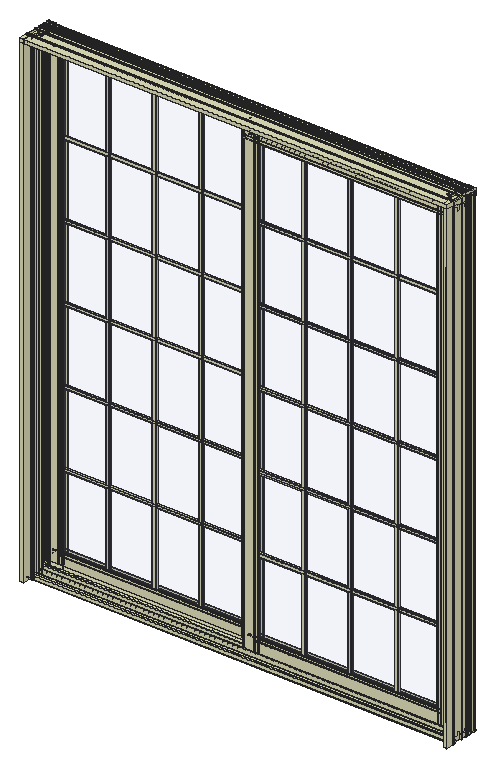
Revit family (continued)
Dimensions and locks (in)
  aligned and locked: plane 55 to Sweep 41 sketch curve
Automatic sketch dimensions
  Opening 1 sketch curve to level = 0' - 0"
  Opening 1 sketch curve to plane 3 "Left" = 0' - 0"
  Opening 1 sketch curve to plane 4 "Right" = 0' - 0"
  Opening 1 sketch curve to plane 6 "Head" = 0' - 0"
  Sweep 1 sketch curve to level = 0' - 0"
  Sweep 1 sketch curve to plane 6 "Head" = 0' - 0"
  Sweep 1 sketch curve to Sweep 1 sketch curve = 0' - 0"  (x22)
  Sweep 1 sketch curve to profile plane = 0' - 0"  (x4)
  profile plane to Sweep 1 sketch curve = 0' - 0.02"  (x2)
  profile plane to Sweep 1 sketch curve = 0' - 0.025"
  profile plane to Sweep 1 sketch curve = 0' - 0.02858"
  profile plane to Sweep 1 sketch curve = 0' - 0.03318"  (x2)
  Sweep 1 sketch curve to Sweep 1 sketch curve = 0' - 0.01249"
  profile plane to Sweep 1 sketch curve = 0' - 0.04108"  (x3)
  Sweep 1 sketch curve to Sweep 1 sketch curve = 0' - 0.045"  (x15)
  Sweep 1 sketch curve to Sweep 1 sketch curve = 0' - 0 1/256"  (x7)
  Sweep 1 sketch curve to Sweep 1 sketch curve = 0' - 0.028"  (x4)
  Sweep 1 sketch curve to Sweep 1 sketch curve = 0' - 0.002"  (x2)
  Sweep 1 sketch curve to Sweep 1 sketch curve = 0' - 0.004"  (x2)
  profile plane to Sweep 1 sketch curve = 0' - 0.055"
  profile plane to Sweep 1 sketch curve = 0' - 0.075"
  Sweep 1 sketch curve to Sweep 1 sketch curve = 0' - 0.025"
  profile plane to Sweep 1 sketch curve = 0' - 0.08"  (x3)
  Sweep 1 sketch curve to Sweep 1 sketch curve = 0' - 0.00636"
  Sweep 1 sketch curve to Sweep 1 sketch curve = 0' - 0.015"  (x3)
  Sweep 1 sketch curve to plane 10 "Set Back" = 0' - 0"
  profile plane to Sweep 1 sketch curve = 0' - 0.095"
  Sweep 1 sketch curve to Sweep 1 sketch curve = 0' - 0.06392"  (x3)
  Sweep 1 sketch curve to Sweep 1 sketch curve = 0' - 0.03661"  (x3)
  Sweep 1 sketch curve to Sweep 1 sketch curve = 0' - 0.01962"  (x2)
  Sweep 1 sketch curve to Sweep 1 sketch curve = 0' - 0.035"
  Sweep 1 sketch curve to Sweep 1 sketch curve = 0' - 0.01197"
  Sweep 1 sketch curve to Sweep 1 sketch curve = 0' - 0.03"  (x7)
  Sweep 1 sketch curve to Sweep 1 sketch curve = 0' - 0.493"
  Sweep 1 sketch curve to Sweep 1 sketch curve = 0' - 0.08"  (x8)
  Sweep 1 sketch curve to Sweep 1 sketch curve = 0' - 0.666"
  Sweep 1 sketch curve to Sweep 1 sketch curve = 0' - 0.08839"
  Sweep 1 sketch curve to Sweep 1 sketch curve = 0' - 0 1/8"
  Sweep 1 sketch curve to Sweep 1 sketch curve = 0' - 0.12839"  (x2)
  Sweep 1 sketch curve to Sweep 1 sketch curve = 0' - 0.00068"  (x2)
  Sweep 1 sketch curve to Sweep 1 sketch curve = 0' - 0.056"
  Sweep 1 sketch curve to Sweep 1 sketch curve = 0' - 0.01318"  (x3)
  Sweep 1 sketch curve to Sweep 1 sketch curve = 0' - 0.03182"  (x2)
  plane 10 "Set Back" to Sweep 1 sketch curve = 0' - 0 1/8"
  Sweep 1 sketch curve to Sweep 1 sketch curve = 0' - 0.15813"
  Sweep 1 sketch curve to Sweep 1 sketch curve = 0' - 0.05657"
  Sweep 1 sketch curve to Sweep 1 sketch curve = 0' - 0.05725"
  Sweep 1 sketch curve to Sweep 1 sketch curve = 0' - 0.03248"
  Sweep 1 sketch curve to Sweep 1 sketch curve = 0' - 0.00895"
  Sweep 1 sketch curve to Sweep 1 sketch curve = 0' - 0.08027"
  Sweep 1 sketch curve to Sweep 1 sketch curve = 0' - 0.07899"
  Sweep 1 sketch curve to Sweep 1 sketch curve = 0' - 0.07973"
  Sweep 1 sketch curve to Sweep 1 sketch curve = 0' - 0.07727"
  Sweep 1 sketch curve to Sweep 1 sketch curve = 0' - 0.199"
  Sweep 1 sketch curve to Sweep 1 sketch curve = 0' - 0.0545"
  Sweep 1 sketch curve to Sweep 1 sketch curve = 0' - 0.37912"
  Sweep 1 sketch curve to Sweep 1 sketch curve = 0' - 0.02"  (x3)
  Sweep 1 sketch curve to Sweep 1 sketch curve = 0' - 0.478"
  Sweep 1 sketch curve to Sweep 1 sketch curve = 0' - 0.04"  (x3)
  Sweep 1 sketch curve to Sweep 1 sketch curve = 0' - 0.095"
  plane 10 "Set Back" to Sweep 1 sketch curve = 0' - 0.04498"
  plane 10 "Set Back" to Sweep 1 sketch curve = 0' - 0.06569"
  Sweep 1 sketch curve to Sweep 1 sketch curve = 0' - 0.12958"  (x2)
  Sweep 1 sketch curve to Sweep 1 sketch curve = 0' - 0.042"
  Sweep 1 sketch curve to Sweep 1 sketch curve = 0' - 0.37691"
  Sweep 1 sketch curve to Sweep 1 sketch curve = 0' - 0.08021"
  Sweep 1 sketch curve to Sweep 1 sketch curve = 0' - 0.06036"  (x2)
  Sweep 1 sketch curve to Sweep 1 sketch curve = 0' - 0.35014"
  Sweep 1 sketch curve to Sweep 1 sketch curve = 0' - 0.08379"
  Sweep 1 sketch curve to Sweep 1 sketch curve = 0' - 0.05867"
  Sweep 1 sketch curve to Sweep 1 sketch curve = 0' - 0.01736"
  Sweep 1 sketch curve to Sweep 1 sketch curve = 0' - 0.02105"
  Sweep 1 sketch curve to Sweep 1 sketch curve = 0' - 0.05236"
  Sweep 1 sketch curve to Sweep 1 sketch curve = 0' - 0.107"
  Sweep 1 sketch curve to Sweep 1 sketch curve = 0' - 0.06753"  (x2)
  Sweep 1 sketch curve to Sweep 1 sketch curve = 0' - 0.00594"  (x3)
  Sweep 1 sketch curve to Sweep 1 sketch curve = 0' - 0.076"  (x2)
  Sweep 1 sketch curve to Sweep 1 sketch curve = 0' - 0.69828"
  Sweep 1 sketch curve to Sweep 1 sketch curve = 0' - 1.189"
  Sweep 1 sketch curve to Sweep 1 sketch curve = 0' - 0.01299"
  Sweep 1 sketch curve to Sweep 1 sketch curve = 0' - 0.05"
  Sweep 1 sketch curve to Sweep 1 sketch curve = 0' - 0.06328"
  Sweep 1 sketch curve to Sweep 1 sketch curve = 0' - 0.05989"
  Sweep 1 sketch curve to Sweep 1 sketch curve = 0' - 0.01261"
  Sweep 1 sketch curve to Sweep 1 sketch curve = 0' - 0.28645"
  Sweep 1 sketch curve to Sweep 1 sketch curve = 0' - 0.00343"
  Sweep 1 sketch curve to Sweep 1 sketch curve = 0' - 0.02142"
  Sweep 1 sketch curve to Sweep 1 sketch curve = 0' - 0.101"
  Sweep 1 sketch curve to Sweep 1 sketch curve = 0' - 0.05921"
  Sweep 2 sketch curve to level = 0' - 0"
  Sweep 2 sketch curve to plane 6 "Head" = 0' - 0"
  Sweep 2 sketch curve to Sweep 2 sketch curve = 0' - 0"  (x21)
  Sweep 2 sketch curve to profile plane = 0' - 0"  (x4)
  Sweep 2 sketch curve to profile plane = 0' - 0.02"  (x2)
  Sweep 2 sketch curve to profile plane = 0' - 0.025"
  Sweep 2 sketch curve to profile plane = 0' - 0.02858"
  Sweep 2 sketch curve to profile plane = 0' - 0.03318"  (x2)
  Sweep 2 sketch curve to profile plane = 0' - 0.04108"  (x3)
  Sweep 2 sketch curve to Sweep 2 sketch curve = 0' - 0.01249"
  Sweep 2 sketch curve to Sweep 2 sketch curve = 0' - 0 1/256"  (x7)
  Sweep 2 sketch curve to Sweep 2 sketch curve = 0' - 0.045"  (x12)
  Sweep 2 sketch curve to Sweep 2 sketch curve = 0' - 0.028"  (x4)
  Sweep 2 sketch curve to Sweep 2 sketch curve = 0' - 0.002"  (x2)
  Sweep 2 sketch curve to Sweep 2 sketch curve = 0' - 0.004"  (x2)
  Sweep 2 sketch curve to profile plane = 0' - 0.055"
  Sweep 2 sketch curve to Sweep 2 sketch curve = 0' - 0.03182"  (x4)
  Sweep 2 sketch curve to profile plane = 0' - 0.075"
  Sweep 2 sketch curve to profile plane = 0' - 0.08"  (x3)
  Sweep 2 sketch curve to Sweep 2 sketch curve = 0' - 0.025"
  Sweep 2 sketch curve to Sweep 2 sketch curve = 0' - 0.00636"
  Sweep 2 sketch curve to Sweep 2 sketch curve = 0' - 0.015"  (x2)
  Sweep 2 sketch curve to profile plane = 0' - 0.095"  (x2)
  Sweep 2 sketch curve to plane 10 "Set Back" = 0' - 0"
  Sweep 2 sketch curve to Sweep 2 sketch curve = 0' - 0.06392"  (x3)
  Sweep 2 sketch curve to Sweep 2 sketch curve = 0' - 0.03661"  (x3)
  Sweep 2 sketch curve to Sweep 2 sketch curve = 0' - 0.01962"  (x2)
  Sweep 2 sketch curve to Sweep 2 sketch curve = 0' - 0.035"
  Sweep 2 sketch curve to Sweep 2 sketch curve = 0' - 0.01197"
  Sweep 2 sketch curve to Sweep 2 sketch curve = 0' - 0.03"  (x7)
  Sweep 2 sketch curve to Sweep 2 sketch curve = 0' - 0.493"
  Sweep 2 sketch curve to Sweep 2 sketch curve = 0' - 0.583"
  Sweep 2 sketch curve to Sweep 2 sketch curve = 0' - 0.08"  (x9)
  Sweep 2 sketch curve to Sweep 2 sketch curve = 0' - 0.666"
  Sweep 2 sketch curve to Sweep 2 sketch curve = 0' - 0 1/8"  (x2)
  Sweep 2 sketch curve to Sweep 2 sketch curve = 0' - 0.12839"  (x2)
  Sweep 2 sketch curve to Sweep 2 sketch curve = 0' - 0.00068"  (x2)
  Sweep 2 sketch curve to Sweep 2 sketch curve = 0' - 0.056"
  Sweep 2 sketch curve to Sweep 2 sketch curve = 0' - 0.01318"  (x3)
  plane 10 "Set Back" to Sweep 2 sketch curve = 0' - 0 1/8"
  Sweep 2 sketch curve to Sweep 2 sketch curve = 0' - 0.15813"
  Sweep 2 sketch curve to Sweep 2 sketch curve = 0' - 0.05657"
  Sweep 2 sketch curve to Sweep 2 sketch curve = 0' - 0.05725"
  Sweep 2 sketch curve to Sweep 2 sketch curve = 0' - 0.03248"
  Sweep 2 sketch curve to Sweep 2 sketch curve = 0' - 0.00895"
  Sweep 2 sketch curve to Sweep 2 sketch curve = 0' - 0.08027"
  Sweep 2 sketch curve to Sweep 2 sketch curve = 0' - 0.07899"
  Sweep 2 sketch curve to Sweep 2 sketch curve = 0' - 0.07973"
  Sweep 2 sketch curve to Sweep 2 sketch curve = 0' - 0.07727"
  Sweep 2 sketch curve to Sweep 2 sketch curve = 0' - 0.199"
  Sweep 2 sketch curve to Sweep 2 sketch curve = 0' - 0.0545"
  plane 10 "Set Back" to Sweep 2 sketch curve = 0' - 0.31898"
  Sweep 2 sketch curve to Sweep 2 sketch curve = 0' - 0.37912"
  Sweep 2 sketch curve to Sweep 2 sketch curve = 0' - 0.02"  (x3)
  Sweep 2 sketch curve to Sweep 2 sketch curve = 0' - 0.478"
  Sweep 2 sketch curve to Sweep 2 sketch curve = 0' - 0.04"  (x3)
  Sweep 2 sketch curve to Sweep 2 sketch curve = 0' - 0.095"
  plane 10 "Set Back" to Sweep 2 sketch curve = 0' - 0.04498"
  plane 10 "Set Back" to Sweep 2 sketch curve = 0' - 0.06569"
  Sweep 2 sketch curve to Sweep 2 sketch curve = 0' - 0.12958"  (x2)
  Sweep 2 sketch curve to Sweep 2 sketch curve = 0' - 0.37691"
  Sweep 2 sketch curve to Sweep 2 sketch curve = 0' - 0.08021"
  Sweep 2 sketch curve to Sweep 2 sketch curve = 0' - 0.06036"  (x2)
  Sweep 2 sketch curve to Sweep 2 sketch curve = 0' - 0.35014"
  Sweep 2 sketch curve to Sweep 2 sketch curve = 0' - 0.08379"
  Sweep 2 sketch curve to Sweep 2 sketch curve = 0' - 0.05867"
  Sweep 2 sketch curve to Sweep 2 sketch curve = 0' - 0.01736"
  Sweep 2 sketch curve to Sweep 2 sketch curve = 0' - 0.02105"
  Sweep 2 sketch curve to Sweep 2 sketch curve = 0' - 0.05236"
  Sweep 2 sketch curve to Sweep 2 sketch curve = 0' - 0.107"
  Sweep 2 sketch curve to Sweep 2 sketch curve = 0' - 0.06753"  (x2)
  Sweep 2 sketch curve to Sweep 2 sketch curve = 0' - 0.00594"  (x3)
  Sweep 2 sketch curve to Sweep 2 sketch curve = 0' - 0.076"  (x2)
  Sweep 2 sketch curve to Sweep 2 sketch curve = 0' - 0.69828"
  Sweep 2 sketch curve to Sweep 2 sketch curve = 0' - 1.189"
  Sweep 2 sketch curve to Sweep 2 sketch curve = 0' - 0.01299"
  Sweep 2 sketch curve to Sweep 2 sketch curve = 0' - 0.05"
  Sweep 2 sketch curve to Sweep 2 sketch curve = 0' - 0.06328"
  Sweep 2 sketch curve to Sweep 2 sketch curve = 0' - 0.05989"
  Sweep 2 sketch curve to Sweep 2 sketch curve = 0' - 0.01261"
  Sweep 2 sketch curve to Sweep 2 sketch curve = 0' - 0.28645"
  Sweep 2 sketch curve to Sweep 2 sketch curve = 0' - 0.00343"
  Sweep 2 sketch curve to Sweep 2 sketch curve = 0' - 0.02142"
  Sweep 2 sketch curve to Sweep 2 sketch curve = 0' - 0.101"
  Sweep 2 sketch curve to Sweep 2 sketch curve = 0' - 0.05921"
  Sweep 3 sketch curve to plane 3 "Left" = 0' - 0"
  Sweep 3 sketch curve to plane 4 "Right" = 0' - 0"
  Sweep 3 sketch curve to Sweep 3 sketch curve = 0' - 0"  (x21)
  Sweep 3 sketch curve to profile plane = 0' - 0"  (x4)
  Sweep 3 sketch curve to profile plane = 0' - 0.02"  (x2)
  Sweep 3 sketch curve to profile plane = 0' - 0.025"
  Sweep 3 sketch curve to profile plane = 0' - 0.02858"
  Sweep 3 sketch curve to profile plane = 0' - 0.03318"  (x2)
  Sweep 3 sketch curve to profile plane = 0' - 0.04108"  (x3)
  Sweep 3 sketch curve to Sweep 3 sketch curve = 0' - 0.01249"
  Sweep 3 sketch curve to Sweep 3 sketch curve = 0' - 0.045"  (x12)
  Sweep 3 sketch curve to profile plane = 0' - 0.045"  (x3)
  Sweep 3 sketch curve to Sweep 3 sketch curve = 0' - 0.028"  (x4)
  Sweep 3 sketch curve to Sweep 3 sketch curve = 0' - 0.002"  (x2)
  Sweep 3 sketch curve to Sweep 3 sketch curve = 0' - 0.004"  (x2)
  Sweep 3 sketch curve to profile plane = 0' - 0.055"
  Sweep 3 sketch curve to Sweep 3 sketch curve = 0' - 0.03182"  (x4)
  Sweep 3 sketch curve to profile plane = 0' - 0.075"
  Sweep 3 sketch curve to profile plane = 0' - 0.08"  (x3)
  Sweep 3 sketch curve to Sweep 3 sketch curve = 0' - 0.025"
  Sweep 3 sketch curve to Sweep 3 sketch curve = 0' - 0.00636"
  Sweep 3 sketch curve to Sweep 3 sketch curve = 0' - 0.015"  (x2)
  Sweep 3 sketch curve to profile plane = 0' - 0.095"  (x2)
  Sweep 3 sketch curve to plane 10 "Set Back" = 0' - 0"
  Sweep 3 sketch curve to Sweep 3 sketch curve = 0' - 0.06392"  (x3)
  Sweep 3 sketch curve to Sweep 3 sketch curve = 0' - 0 1/256"  (x4)
  Sweep 3 sketch curve to Sweep 3 sketch curve = 0' - 0.03661"  (x3)
  Sweep 3 sketch curve to Sweep 3 sketch curve = 0' - 0.01962"  (x2)
  Sweep 3 sketch curve to Sweep 3 sketch curve = 0' - 0.035"
  Sweep 3 sketch curve to Sweep 3 sketch curve = 0' - 0.01197"
  Sweep 3 sketch curve to Sweep 3 sketch curve = 0' - 0.03"  (x7)
  Sweep 3 sketch curve to Sweep 3 sketch curve = 0' - 0.493"
  Sweep 3 sketch curve to Sweep 3 sketch curve = 0' - 0.583"
  Sweep 3 sketch curve to Sweep 3 sketch curve = 0' - 0.08"  (x9)
  Sweep 3 sketch curve to Sweep 3 sketch curve = 0' - 0.666"
  Sweep 3 sketch curve to Sweep 3 sketch curve = 0' - 0 1/8"
  Sweep 3 sketch curve to Sweep 3 sketch curve = 0' - 0.08839"
  Sweep 3 sketch curve to Sweep 3 sketch curve = 0' - 0.12839"  (x2)
  Sweep 3 sketch curve to Sweep 3 sketch curve = 0' - 0.00068"  (x2)
  Sweep 3 sketch curve to Sweep 3 sketch curve = 0' - 0.056"
  Sweep 3 sketch curve to Sweep 3 sketch curve = 0' - 0.01318"  (x3)
  plane 10 "Set Back" to Sweep 3 sketch curve = 0' - 0 1/8"
  Sweep 3 sketch curve to Sweep 3 sketch curve = 0' - 0.15813"
  Sweep 3 sketch curve to Sweep 3 sketch curve = 0' - 0.05657"
  Sweep 3 sketch curve to Sweep 3 sketch curve = 0' - 0.05725"
  Sweep 3 sketch curve to Sweep 3 sketch curve = 0' - 0.03248"
  Sweep 3 sketch curve to Sweep 3 sketch curve = 0' - 0.00895"
  Sweep 3 sketch curve to Sweep 3 sketch curve = 0' - 0.08027"
  Sweep 3 sketch curve to Sweep 3 sketch curve = 0' - 0.07899"
  Sweep 3 sketch curve to Sweep 3 sketch curve = 0' - 0.07973"
  Sweep 3 sketch curve to Sweep 3 sketch curve = 0' - 0.07727"
  Sweep 3 sketch curve to Sweep 3 sketch curve = 0' - 0.199"
  Sweep 3 sketch curve to Sweep 3 sketch curve = 0' - 0.0545"
  plane 10 "Set Back" to Sweep 3 sketch curve = 0' - 0.31898"
  Sweep 3 sketch curve to Sweep 3 sketch curve = 0' - 0.37912"
  Sweep 3 sketch curve to Sweep 3 sketch curve = 0' - 0.02"  (x3)
  Sweep 3 sketch curve to Sweep 3 sketch curve = 0' - 0.478"
  Sweep 3 sketch curve to Sweep 3 sketch curve = 0' - 0.04"  (x3)
  Sweep 3 sketch curve to Sweep 3 sketch curve = 0' - 0.095"
  plane 10 "Set Back" to Sweep 3 sketch curve = 0' - 0.04498"
  plane 10 "Set Back" to Sweep 3 sketch curve = 0' - 0.06569"
  Sweep 3 sketch curve to Sweep 3 sketch curve = 0' - 0.12958"  (x2)
  Sweep 3 sketch curve to Sweep 3 sketch curve = 0' - 0.37691"
  Sweep 3 sketch curve to Sweep 3 sketch curve = 0' - 0.08021"
  Sweep 3 sketch curve to Sweep 3 sketch curve = 0' - 0.06036"  (x2)
  Sweep 3 sketch curve to Sweep 3 sketch curve = 0' - 0.35014"
  Sweep 3 sketch curve to Sweep 3 sketch curve = 0' - 0.08379"
  Sweep 3 sketch curve to Sweep 3 sketch curve = 0' - 0.05867"
  Sweep 3 sketch curve to Sweep 3 sketch curve = 0' - 0.01736"
  Sweep 3 sketch curve to Sweep 3 sketch curve = 0' - 0.02105"
  Sweep 3 sketch curve to Sweep 3 sketch curve = 0' - 0.05236"
  Sweep 3 sketch curve to Sweep 3 sketch curve = 0' - 0.107"
  Sweep 3 sketch curve to Sweep 3 sketch curve = 0' - 0.06753"  (x2)
  Sweep 3 sketch curve to Sweep 3 sketch curve = 0' - 0.00594"  (x3)
  Sweep 3 sketch curve to Sweep 3 sketch curve = 0' - 0.076"  (x2)
  Sweep 3 sketch curve to Sweep 3 sketch curve = 0' - 0.69828"
  Sweep 3 sketch curve to Sweep 3 sketch curve = 0' - 1.189"
  Sweep 3 sketch curve to Sweep 3 sketch curve = 0' - 0.01299"
  Sweep 3 sketch curve to Sweep 3 sketch curve = 0' - 0.05"
  Sweep 3 sketch curve to Sweep 3 sketch curve = 0' - 0.06328"
  Sweep 3 sketch curve to Sweep 3 sketch curve = 0' - 0.05989"
  Sweep 3 sketch curve to Sweep 3 sketch curve = 0' - 0.01261"
  Sweep 3 sketch curve to Sweep 3 sketch curve = 0' - 0.28645"
  Sweep 3 sketch curve to Sweep 3 sketch curve = 0' - 0.00343"
  Sweep 3 sketch curve to Sweep 3 sketch curve = 0' - 0.02142"
  Sweep 3 sketch curve to Sweep 3 sketch curve = 0' - 0.101"
  Sweep 3 sketch curve to Sweep 3 sketch curve = 0' - 0.05921"
  Sweep 4 sketch curve to plane 3 "Left" = 0' - 0"
  Sweep 4 sketch curve to plane 4 "Right" = 0' - 0"
  Sweep 4 sketch curve to Sweep 4 sketch curve = 0' - 0"  (x15)
  Sweep 4 sketch curve to profile plane = 0' - 0"  (x3)
  profile plane to Sweep 4 sketch curve = 0' - 0.00068"
  profile plane to Sweep 4 sketch curve = 0' - 0.02519"
  profile plane to Sweep 4 sketch curve = 0' - 0.02809"
  profile plane to Sweep 4 sketch curve = 0' - 0.0285"
  profile plane to Sweep 4 sketch curve = 0' - 0.031"
  Sweep 4 sketch curve to Sweep 4 sketch curve = 0' - 0.03092"
  Sweep 4 sketch curve to plane 10 "Set Back" = 0' - 0"
  profile plane to Sweep 4 sketch curve = 0' - 0.06"
  profile plane to Sweep 4 sketch curve = 0' - 0 1/16"
  profile plane to Sweep 4 sketch curve = 0' - 0.0646"
  Sweep 4 sketch curve to Sweep 4 sketch curve = 0' - 0.00364"
  profile plane to Sweep 4 sketch curve = 0' - 0.08644"
  profile plane to Sweep 4 sketch curve = 0' - 0.1027"
  Sweep 4 sketch curve to Sweep 4 sketch curve = 0' - 0.11368"
  Sweep 4 sketch curve to Sweep 4 sketch curve = 0' - 0.0525"
  profile plane to Sweep 4 sketch curve = 0' - 0.12754"
  Sweep 4 sketch curve to Sweep 4 sketch curve = 0' - 0.015"
  Sweep 4 sketch curve to Sweep 4 sketch curve = 0' - 0.07105"
  Sweep 4 sketch curve to Sweep 4 sketch curve = 0' - 0.12484"
  Sweep 4 sketch curve to Sweep 4 sketch curve = 0' - 0.04535"
  Sweep 4 sketch curve to Sweep 4 sketch curve = 0' - 0.03"  (x2)
  Sweep 4 sketch curve to Sweep 4 sketch curve = 0' - 0.00065"
  Sweep 4 sketch curve to Sweep 4 sketch curve = 0' - 0.05985"
  Sweep 4 sketch curve to Sweep 4 sketch curve = 0' - 0.14129"
  Sweep 4 sketch curve to Sweep 4 sketch curve = 0' - 0 41/256"
  Sweep 4 sketch curve to Sweep 4 sketch curve = 0' - 0.14908"
  profile plane to Sweep 4 sketch curve = 0' - 0.36"
  Sweep 4 sketch curve to Sweep 4 sketch curve = 0' - 0.1247"
  Sweep 4 sketch curve to Sweep 4 sketch curve = 0' - 0.115"  (x3)
  Sweep 4 sketch curve to Sweep 4 sketch curve = 0' - 0.24939"
  Sweep 4 sketch curve to Sweep 4 sketch curve = 0' - 0.045"  (x4)
  Sweep 4 sketch curve to Sweep 4 sketch curve = 0' - 0.0437"
  Sweep 4 sketch curve to Sweep 4 sketch curve = 0' - 0.11466"
  Sweep 4 sketch curve to Sweep 4 sketch curve = 0' - 0.00793"
  Sweep 4 sketch curve to Sweep 4 sketch curve = 0' - 0.09078"
  Sweep 4 sketch curve to Sweep 4 sketch curve = 0' - 0.04707"
  Sweep 4 sketch curve to Sweep 4 sketch curve = 0' - 0.05472"
  Sweep 4 sketch curve to Sweep 4 sketch curve = 0' - 0.02893"  (x4)
  Sweep 4 sketch curve to Sweep 4 sketch curve = 0' - 0.03741"
  Sweep 4 sketch curve to Sweep 4 sketch curve = 0' - 0.00943"
  Sweep 4 sketch curve to Sweep 4 sketch curve = 0' - 0.02615"  (x2)
  Sweep 4 sketch curve to Sweep 4 sketch curve = 0' - 0.02355"  (x2)
  Sweep 4 sketch curve to Sweep 4 sketch curve = 0' - 0.195"
  Sweep 4 sketch curve to Sweep 4 sketch curve = 0' - 0.555"
  Sweep 4 sketch curve to Sweep 4 sketch curve = 0' - 0.07311"
  Sweep 4 sketch curve to Sweep 4 sketch curve = 0' - 0.035"  (x3)
  Sweep 4 sketch curve to Sweep 4 sketch curve = 0' - 0.01"
  Sweep 4 sketch curve to Sweep 4 sketch curve = 0' - 0.29821"
  Sweep 4 sketch curve to Sweep 4 sketch curve = 0' - 0.32"
  Sweep 4 sketch curve to Sweep 4 sketch curve = 0' - 0.00069"
  Sweep 4 sketch curve to Sweep 4 sketch curve = 0' - 0.0147"
  Sweep 4 sketch curve to Sweep 4 sketch curve = 0' - 0.06236"
  Sweep 4 sketch curve to Sweep 4 sketch curve = 0' - 0.07966"
  Sweep 4 sketch curve to Sweep 4 sketch curve = 0' - 0.08"  (x2)
  Sweep 4 sketch curve to Sweep 4 sketch curve = 0' - 0 1/8"  (x2)
  Sweep 4 sketch curve to Sweep 4 sketch curve = 0' - 0.276"
  Sweep 4 sketch curve to Sweep 4 sketch curve = 0' - 0.01434"
  Sweep 4 sketch curve to Sweep 4 sketch curve = 0' - 0.02383"
  Sweep 4 sketch curve to Sweep 4 sketch curve = 0' - 0.03817"
  plane 10 "Set Back" to Sweep 4 sketch curve = 0' - 0.05579"
  Sweep 4 sketch curve to Sweep 4 sketch curve = 0' - 0.159"
  Sweep 4 sketch curve to Sweep 4 sketch curve = 0' - 0.51894"
  Sweep 4 sketch curve to Sweep 4 sketch curve = 0' - 0.01744"
  Sweep 4 sketch curve to Sweep 4 sketch curve = 0' - 0.12986"
  Sweep 4 sketch curve to Sweep 4 sketch curve = 0' - 0.02582"
  Sweep 4 sketch curve to Sweep 4 sketch curve = 0' - 0.02194"
  Sweep 4 sketch curve to Sweep 4 sketch curve = 0' - 0.1027"
  Sweep 4 sketch curve to Sweep 4 sketch curve = 0' - 0 1/16"
  Sweep 4 sketch curve to Sweep 4 sketch curve = 0' - 0.01053"
  Sweep 4 sketch curve to Sweep 4 sketch curve = 0' - 0.12754"
  Sweep 4 sketch curve to Sweep 4 sketch curve = 0' - 0.205"
  Sweep 4 sketch curve to Sweep 4 sketch curve = 0' - 0.20206"
  Sweep 4 sketch curve to Sweep 4 sketch curve = 0' - 0.00872"
  Sweep 4 sketch curve to Sweep 4 sketch curve = 0' - 0.01484"
  Sweep 4 sketch curve to Sweep 4 sketch curve = 0' - 0.00965"
  Sweep 4 sketch curve to Sweep 4 sketch curve = 0' - 0.0451"
  Sweep 4 sketch curve to Sweep 4 sketch curve = 0' - 0.11692"
  Sweep 4 sketch curve to Sweep 4 sketch curve = 0' - 0.03975"
  Sweep 4 sketch curve to Sweep 4 sketch curve = 0' - 0.15242"
  Sweep 4 sketch curve to Sweep 4 sketch curve = 0' - 0.0575"
  Sweep 4 sketch curve to Sweep 4 sketch curve = 0' - 1.148"
  Sweep 4 sketch curve to Sweep 4 sketch curve = 0' - 0.02979"
  Sweep 4 sketch curve to Sweep 4 sketch curve = 0' - 0.179"
  Sweep 4 sketch curve to Sweep 4 sketch curve = 0' - 0.37"
  Sweep 4 sketch curve to Sweep 4 sketch curve = 0' - 0.1325"
  Sweep 5 sketch curve to Sweep 5 sketch curve = 0' - 0"  (x9)
  profile plane to Sweep 5 sketch curve = 0' - 2.40658"
  Sweep 5 sketch curve to Sweep 5 sketch curve = 0' - 0.01654"
  Sweep 5 sketch curve to Sweep 5 sketch curve = 0' - 0.02248"
  Sweep 5 sketch curve to Sweep 5 sketch curve = 0' - 0.03346"
  Sweep 5 sketch curve to Sweep 5 sketch curve = 0' - 0.02"
  Sweep 5 sketch curve to Sweep 5 sketch curve = 0' - 0.01"  (x2)
  Sweep 5 sketch curve to Sweep 5 sketch curve = 0' - 0.01189"
  Sweep 5 sketch curve to Sweep 5 sketch curve = 0' - 0.40886"
  Sweep 5 sketch curve to Sweep 5 sketch curve = 0' - 0.02914"
  Sweep 5 sketch curve to Sweep 5 sketch curve = 0' - 0.05214"
  Sweep 5 sketch curve to Sweep 5 sketch curve = 0' - 0.045"  (x4)
  Sweep 5 sketch curve to Sweep 5 sketch curve = 0' - 0.0542"
  Sweep 5 sketch curve to Sweep 5 sketch curve = 0' - 0.0639"
  Sweep 5 sketch curve to Sweep 5 sketch curve = 0' - 0.07"
  Sweep 5 sketch curve to Sweep 5 sketch curve = 0' - 0.00938"
  Sweep 5 sketch curve to Sweep 5 sketch curve = 0' - 0.03372"
  Sweep 5 sketch curve to Sweep 5 sketch curve = 0' - 0.01167"
  plane 10 "Set Back" to Sweep 5 sketch curve = 0' - 2.30042"
  Sweep 5 sketch curve to Sweep 5 sketch curve = 0' - 0.00838"
  Sweep 5 sketch curve to Sweep 5 sketch curve = 0' - 0.04108"
  Sweep 5 sketch curve to Sweep 5 sketch curve = 0' - 0.13703"
  Sweep 5 sketch curve to Sweep 5 sketch curve = 0' - 0.00592"
  plane 10 "Set Back" to Sweep 5 sketch curve = 0' - 2.46518"
  Sweep 5 sketch curve to Sweep 5 sketch curve = 0' - 0.00324"
  Sweep 5 sketch curve to Sweep 5 sketch curve = 0' - 0.01591"
  Sweep 5 sketch curve to Sweep 5 sketch curve = 0' - 0.0615"
  Sweep 5 sketch curve to Sweep 5 sketch curve = 0' - 0.02759"
  profile plane to Sweep 5 sketch curve = 0' - 0.00572"
  profile plane to Sweep 5 sketch curve = 0' - 0.00567"  (x2)
  profile plane to Sweep 5 sketch curve = 0' - 0.0017"
  Sweep 5 sketch curve to profile plane = 0' - 0.03933"
  Sweep 5 sketch curve to Sweep 5 sketch curve = 0' - 0.05508"  (x2)
  Sweep 5 sketch curve to Sweep 5 sketch curve = 0' - 0.07737"
  Sweep 5 sketch curve to Sweep 5 sketch curve = 0' - 0.02705"
  Sweep 5 sketch curve to Sweep 5 sketch curve = 0' - 0.03736"
  Sweep 5 sketch curve to Sweep 5 sketch curve = 0' - 0.00572"
  Sweep 5 sketch curve to Sweep 5 sketch curve = 0' - 0.1262"
  Sweep 5 sketch curve to Sweep 5 sketch curve = 0' - 0.01865"
  Sweep 5 sketch curve to Sweep 5 sketch curve = 0' - 0.79144"
  Sweep 5 sketch curve to Sweep 5 sketch curve = 0' - 0.011"
  Sweep 6 sketch curve to plane 16 "Sill (Interior)" = 0' - 0"
  Sweep 6 sketch curve to plane 15 "Head (Interior)" = 0' - 0"
  Sweep 6 sketch curve to Sweep 6 sketch curve = 0' - 0"  (x8)
  plane 10 "Set Back" to Sweep 6 sketch curve = 0' - 2.23499"
  Sweep 6 sketch curve to Sweep 6 sketch curve = 0' - 0.04533"
  Sweep 6 sketch curve to Sweep 6 sketch curve = 0' - 0.00006"
  Sweep 6 sketch curve to Sweep 6 sketch curve = 0' - 0.05523"
  Sweep 6 sketch curve to Sweep 6 sketch curve = 0' - 0.02705"
  Sweep 6 sketch curve to Sweep 6 sketch curve = 0' - 0.04001"
  profile plane to Sweep 6 sketch curve = 0' - 0.03612"
  Sweep 6 sketch curve to Sweep 6 sketch curve = 0' - 0.0449"
  Sweep 6 sketch curve to Sweep 6 sketch curve = 0' - 0.045"  (x4)
  Sweep 6 sketch curve to Sweep 6 sketch curve = 0' - 0.0001"
  Sweep 6 sketch curve to Sweep 6 sketch curve = 0' - 0.03237"
  Sweep 6 sketch curve to Sweep 6 sketch curve = 0' - 0.00572"
  Sweep 6 sketch curve to Sweep 6 sketch curve = 0' - 0.04308"
  Sweep 6 sketch curve to Sweep 6 sketch curve = 0' - 0.1262"
  Sweep 6 sketch curve to Sweep 6 sketch curve = 0' - 0.02214"
  Sweep 6 sketch curve to Sweep 6 sketch curve = 0' - 0.0558"
  Sweep 6 sketch curve to Sweep 6 sketch curve = 0' - 0.05108"
  Sweep 6 sketch curve to Sweep 6 sketch curve = 0' - 0.06973"
  Sweep 6 sketch curve to Sweep 6 sketch curve = 0' - 0.04483"
  Sweep 6 sketch curve to Sweep 6 sketch curve = 0' - 0.79144"
  Sweep 6 sketch curve to Sweep 6 sketch curve = 0' - 0.011"
  Sweep 6 sketch curve to Sweep 6 sketch curve = 0' - 0.00311"
  Sweep 6 sketch curve to Sweep 6 sketch curve = 0' - 0.02"
  Sweep 6 sketch curve to Sweep 6 sketch curve = 0' - 0.01189"  (x2)
  Sweep 6 sketch curve to profile plane = 0' - 0.00892"
  Sweep 6 sketch curve to Sweep 6 sketch curve = 0' - 1.06076"
  Sweep 6 sketch curve to Sweep 6 sketch curve = 0' - 0.075"
  Sweep 6 sketch curve to Sweep 6 sketch curve = 0' - 0.07"
  Sweep 6 sketch curve to Sweep 6 sketch curve = 0' - 0.01664"
  Sweep 6 sketch curve to Sweep 6 sketch curve = 0' - 0.055"
  Sweep 6 sketch curve to Sweep 6 sketch curve = 0' - 1.44291"
  Sweep 6 sketch curve to Sweep 6 sketch curve = 0' - 0.02759"
  Sweep 6 sketch curve to Sweep 6 sketch curve = 0' - 0.01591"
  Sweep 6 sketch curve to Sweep 6 sketch curve = 0' - 0.00592"
  Sweep 6 sketch curve to Sweep 6 sketch curve = 0' - 0.13915"
  Sweep 6 sketch curve to Sweep 6 sketch curve = 0' - 0.13703"
  Sweep 6 sketch curve to Sweep 6 sketch curve = 0' - 0.00838"
  Sweep 6 sketch curve to Sweep 6 sketch curve = 0' - 0.00938"
  Sweep 6 sketch curve to Sweep 6 sketch curve = 0' - 0.04718"
  Sweep 6 sketch curve to Sweep 6 sketch curve = 0' - 0.39697"
  Sweep 6 sketch curve to Sweep 6 sketch curve = 0' - 0.01099"
  Sweep 6 sketch curve to Sweep 6 sketch curve = 0' - 0.03346"
  profile plane to Sweep 6 sketch curve = 0' - 0.03211"
  Sweep 7 sketch curve to plane 12 "Right Sash" = 0' - 0"
  plane 10 "Set Back" to Sweep 7 sketch curve = 0' - 2.29429"
  profile plane to Sweep 7 sketch curve = 0' - 2.40621"
  Sweep 7 sketch curve to Sweep 7 sketch curve = 0' - 0.01989"
  Sweep 7 sketch curve to Sweep 7 sketch curve = 0' - 0.00455"
  Sweep 7 sketch curve to Sweep 7 sketch curve = 0' - 0.00601"
  Sweep 7 sketch curve to Sweep 7 sketch curve = 0' - 0.01672"
  Sweep 7 sketch curve to Sweep 7 sketch curve = 0' - 0.02808"
  Sweep 7 sketch curve to Sweep 7 sketch curve = 0' - 0.48261"
  Sweep 7 sketch curve to Sweep 7 sketch curve = 0' - 0.0188"
  Sweep 7 sketch curve to Sweep 7 sketch curve = 0' - 0.0504"
  Sweep 7 sketch curve to Sweep 7 sketch curve = 0' - 0.0291"
  Sweep 7 sketch curve to Sweep 7 sketch curve = 0' - 0"
  Sweep 7 sketch curve to Sweep 7 sketch curve = 0' - 0.02838"
  plane 10 "Set Back" to Sweep 7 sketch curve = 0' - 2.3693"
  Sweep 7 sketch curve to Sweep 7 sketch curve = 0' - 0.01156"
  Sweep 7 sketch curve to Sweep 7 sketch curve = 0' - 0.11194"
  Sweep 7 sketch curve to Sweep 7 sketch curve = 0' - 0.00625"
  plane 10 "Set Back" to Sweep 7 sketch curve = 0' - 2.37423"
  Sweep 7 sketch curve to Sweep 7 sketch curve = 0' - 0.01066"
  Sweep 7 sketch curve to Sweep 7 sketch curve = 0' - 0.01042"
  Sweep 7 sketch curve to Sweep 7 sketch curve = 0' - 0.01431"
  Sweep 7 sketch curve to Sweep 7 sketch curve = 0' - 0.00002"
  Sweep 7 sketch curve to Sweep 7 sketch curve = 0' - 0.00527"
  Sweep 7 sketch curve to Sweep 7 sketch curve = 0' - 0.02285"
  plane 10 "Set Back" to Sweep 8 sketch curve = 0' - 2.37423"
  Sweep 8 sketch curve to profile plane = 0' - 1.62224"
  Sweep 8 sketch curve to Sweep 8 sketch curve = 0' - 0.01066"
  Sweep 8 sketch curve to Sweep 8 sketch curve = 0' - 0.00625"
  plane 10 "Set Back" to Sweep 8 sketch curve = 0' - 2.3693"
  Sweep 8 sketch curve to Sweep 8 sketch curve = 0' - 0.11819"
  Sweep 8 sketch curve to Sweep 8 sketch curve = 0' - 0.01156"
  Sweep 8 sketch curve to Sweep 8 sketch curve = 0' - 0.02838"
  Sweep 8 sketch curve to Sweep 8 sketch curve = 0' - 0"
  Sweep 8 sketch curve to Sweep 8 sketch curve = 0' - 0.0291"
  Sweep 8 sketch curve to Sweep 8 sketch curve = 0' - 0.0504"
  Sweep 8 sketch curve to Sweep 8 sketch curve = 0' - 0.0188"
  Sweep 8 sketch curve to Sweep 8 sketch curve = 0' - 0.48261"
  Sweep 8 sketch curve to Sweep 8 sketch curve = 0' - 0.02808"
  Sweep 8 sketch curve to Sweep 8 sketch curve = 0' - 0.00616"
  Sweep 8 sketch curve to Sweep 8 sketch curve = 0' - 0.00601"
  Sweep 8 sketch curve to Sweep 8 sketch curve = 0' - 0.01672"
  Sweep 8 sketch curve to Sweep 8 sketch curve = 0' - 0.01989"
  Sweep 8 sketch curve to Sweep 8 sketch curve = 0' - 0.05299"
  Sweep 8 sketch curve to Sweep 8 sketch curve = 0' - 0.00214"
  Sweep 8 sketch curve to Sweep 8 sketch curve = 0' - 0.06055"
  Sweep 8 sketch curve to Sweep 8 sketch curve = 0' - 0.00302"
  Sweep 8 sketch curve to Sweep 8 sketch curve = 0' - 0.00002"
  Sweep 8 sketch curve to Sweep 8 sketch curve = 0' - 0.02285"
  Sweep 9 sketch curve to plane 16 "Sill (Interior)" = 0' - 0"
  Sweep 9 sketch curve to plane 15 "Head (Interior)" = 0' - 0"
  plane 10 "Set Back" to Sweep 9 sketch curve = 0' - 2.24631"
  Sweep 9 sketch curve to Sweep 9 sketch curve = 0' - 0.01431"
  Sweep 9 sketch curve to Sweep 9 sketch curve = 0' - 0.02326"
  Sweep 9 sketch curve to Sweep 9 sketch curve = 0' - 0.01042"
  Sweep 9 sketch curve to Sweep 9 sketch curve = 0' - 0.04995"
  Sweep 9 sketch curve to Sweep 9 sketch curve = 0' - 0.00418"
  Sweep 9 sketch curve to Sweep 9 sketch curve = 0' - 0.00002"
  Sweep 9 sketch curve to Sweep 9 sketch curve = 0' - 0.00527"
  Sweep 9 sketch curve to Sweep 9 sketch curve = 0' - 0.00829"
  Sweep 9 sketch curve to Sweep 9 sketch curve = 0' - 0.01989"
  Sweep 9 sketch curve to Sweep 9 sketch curve = 0' - 0.02006"
  Sweep 9 sketch curve to Sweep 9 sketch curve = 0' - 0.06055"
  Sweep 9 sketch curve to Sweep 9 sketch curve = 0' - 0.00492"
  Sweep 9 sketch curve to Sweep 9 sketch curve = 0' - 0.02285"
  profile plane to Sweep 9 sketch curve = 0' - 1.63914"
  Sweep 9 sketch curve to Sweep 9 sketch curve = 0' - 0.02443"
  Sweep 9 sketch curve to Sweep 9 sketch curve = 0' - 0.11194"
  Sweep 9 sketch curve to Sweep 9 sketch curve = 0' - 0.01156"
  Sweep 9 sketch curve to Sweep 9 sketch curve = 0' - 0.02838"
  Sweep 9 sketch curve to Sweep 9 sketch curve = 0' - 0"
  Sweep 9 sketch curve to Sweep 9 sketch curve = 0' - 0.48261"
  Sweep 9 sketch curve to Sweep 9 sketch curve = 0' - 0.02808"
  Sweep 9 sketch curve to Sweep 9 sketch curve = 0' - 0.00616"
  Sweep 9 sketch curve to Sweep 9 sketch curve = 0' - 0.00625"
  Sweep 10 sketch curve to level = 0' - 0"
  Sweep 10 sketch curve to plane 6 "Head" = 0' - 0"
  Sweep 10 sketch curve to profile plane = 0' - 0"
  Sweep 11 sketch curve to level = 0' - 0"
  Sweep 11 sketch curve to plane 6 "Head" = 0' - 0"
  Sweep 11 sketch curve to profile plane = 0' - 0"
  Sweep 12 sketch curve to plane 3 "Left" = 0' - 0"
  Sweep 12 sketch curve to plane 4 "Right" = 0' - 0"
  Sweep 12 sketch curve to profile plane = 0' - 0"
  Sweep 15 sketch curve to plane 16 "Sill (Interior)" = 0' - 0"
  Sweep 15 sketch curve to plane 15 "Head (Interior)" = 0' - 0"
  Sweep 15 sketch curve to Sweep 15 sketch curve = 0' - 0"  (x10)
  profile plane to Sweep 15 sketch curve = 0' - 2.09696"
  Sweep 15 sketch curve to Sweep 15 sketch curve = 0' - 0.01654"
  Sweep 15 sketch curve to Sweep 15 sketch curve = 0' - 0.02248"
  Sweep 15 sketch curve to Sweep 15 sketch curve = 0' - 0.03346"
  Sweep 15 sketch curve to Sweep 15 sketch curve = 0' - 0.02"  (x4)
  Sweep 15 sketch curve to Sweep 15 sketch curve = 0' - 0.01"  (x2)
  Sweep 15 sketch curve to Sweep 15 sketch curve = 0' - 0.01189"
  Sweep 15 sketch curve to Sweep 15 sketch curve = 0' - 0.39697"
  Sweep 15 sketch curve to Sweep 15 sketch curve = 0' - 0.02914"
  Sweep 15 sketch curve to Sweep 15 sketch curve = 0' - 0.05214"
  Sweep 15 sketch curve to Sweep 15 sketch curve = 0' - 0.045"  (x5)
  Sweep 15 sketch curve to Sweep 15 sketch curve = 0' - 0.0542"
  Sweep 15 sketch curve to Sweep 15 sketch curve = 0' - 0.0639"
  Sweep 15 sketch curve to Sweep 15 sketch curve = 0' - 0.07"
  Sweep 15 sketch curve to Sweep 15 sketch curve = 0' - 0.00938"
  Sweep 15 sketch curve to Sweep 15 sketch curve = 0' - 0.03372"
  Sweep 15 sketch curve to Sweep 15 sketch curve = 0' - 0.01167"
  Sweep 15 sketch curve to Sweep 15 sketch curve = 0' - 0.00838"
  Sweep 15 sketch curve to Sweep 15 sketch curve = 0' - 0.04108"
  Sweep 15 sketch curve to Sweep 15 sketch curve = 0' - 0.13703"
  Sweep 15 sketch curve to Sweep 15 sketch curve = 0' - 0.00592"
  Sweep 15 sketch curve to Sweep 15 sketch curve = 0' - 0.00324"
  Sweep 15 sketch curve to Sweep 15 sketch curve = 0' - 0.01591"
  Sweep 15 sketch curve to Sweep 15 sketch curve = 0' - 0.0615"
  Sweep 15 sketch curve to Sweep 15 sketch curve = 0' - 0.02759"
  profile plane to Sweep 15 sketch curve = 0' - 0.27096"
  Sweep 15 sketch curve to profile plane = 0' - 0.07304"  (x2)
  Sweep 15 sketch curve to Sweep 15 sketch curve = 0' - 0.062"  (x2)
  Sweep 15 sketch curve to Sweep 15 sketch curve = 0' - 0.08"  (x2)
  Sweep 15 sketch curve to Sweep 15 sketch curve = 0' - 0.0545"
  Sweep 15 sketch curve to profile plane = 0' - 0.30395"
  Sweep 15 sketch curve to Sweep 15 sketch curve = 0' - 0.02008"
  Sweep 15 sketch curve to Sweep 15 sketch curve = 0' - 0.00397"
  Sweep 15 sketch curve to Sweep 15 sketch curve = 0' - 0.04"  (x2)
  Sweep 15 sketch curve to Sweep 15 sketch curve = 0' - 0.05508"
  plane 10 "Set Back" to Sweep 15 sketch curve = 0' - 1.91099"
  Sweep 15 sketch curve to Sweep 15 sketch curve = 0' - 0.12"
  Sweep 15 sketch curve to Sweep 15 sketch curve = 0' - 0.017"
  Sweep 15 sketch curve to Sweep 15 sketch curve = 0' - 0.00006"
  Sweep 15 sketch curve to Sweep 15 sketch curve = 0' - 0.10023"
  Sweep 15 sketch curve to Sweep 15 sketch curve = 0' - 0.00499"
  Sweep 15 sketch curve to Sweep 15 sketch curve = 0' - 0.03237"
  Sweep 15 sketch curve to Sweep 15 sketch curve = 0' - 0.00572"
  Sweep 15 sketch curve to Sweep 15 sketch curve = 0' - 0.1262"
  Sweep 15 sketch curve to Sweep 15 sketch curve = 0' - 0.01865"
  Sweep 15 sketch curve to Sweep 15 sketch curve = 0' - 0.79144"
  Sweep 15 sketch curve to Sweep 15 sketch curve = 0' - 0.011"
  Sweep 16 sketch curve to plane 16 "Sill (Interior)" = 0' - 0"
  Sweep 16 sketch curve to plane 15 "Head (Interior)" = 0' - 0"
  Sweep 16 sketch curve to Sweep 16 sketch curve = 0' - 0"  (x9)
  profile plane to Sweep 16 sketch curve = 0' - 2.43699"
  Sweep 16 sketch curve to Sweep 16 sketch curve = 0' - 0.01654"
  Sweep 16 sketch curve to Sweep 16 sketch curve = 0' - 0.03901"
  Sweep 16 sketch curve to Sweep 16 sketch curve = 0' - 0.03346"
  Sweep 16 sketch curve to Sweep 16 sketch curve = 0' - 0.02"
  Sweep 16 sketch curve to Sweep 16 sketch curve = 0' - 0.01"  (x2)
  Sweep 16 sketch curve to Sweep 16 sketch curve = 0' - 0.01189"
  Sweep 16 sketch curve to Sweep 16 sketch curve = 0' - 0.40886"
  Sweep 16 sketch curve to Sweep 16 sketch curve = 0' - 0.02914"
  Sweep 16 sketch curve to Sweep 16 sketch curve = 0' - 0.05214"
  Sweep 16 sketch curve to Sweep 16 sketch curve = 0' - 0.045"  (x4)
  Sweep 16 sketch curve to Sweep 16 sketch curve = 0' - 0.0542"
  Sweep 16 sketch curve to Sweep 16 sketch curve = 0' - 0.0639"
  Sweep 16 sketch curve to Sweep 16 sketch curve = 0' - 0.07"
  Sweep 16 sketch curve to Sweep 16 sketch curve = 0' - 0.00938"
  Sweep 16 sketch curve to Sweep 16 sketch curve = 0' - 0.03372"
  Sweep 16 sketch curve to Sweep 16 sketch curve = 0' - 0.01167"
  plane 10 "Set Back" to Sweep 16 sketch curve = 0' - 0.55131"
  Sweep 16 sketch curve to Sweep 16 sketch curve = 0' - 0.00838"
  Sweep 16 sketch curve to Sweep 16 sketch curve = 0' - 0.04108"
  Sweep 16 sketch curve to Sweep 16 sketch curve = 0' - 0.13703"
  Sweep 16 sketch curve to Sweep 16 sketch curve = 0' - 0.00592"
  plane 10 "Set Back" to Sweep 16 sketch curve = 0' - 0.71608"
  Sweep 16 sketch curve to Sweep 16 sketch curve = 0' - 0.00324"
  Sweep 16 sketch curve to Sweep 16 sketch curve = 0' - 0.01591"
  Sweep 16 sketch curve to Sweep 16 sketch curve = 0' - 0.0615"
  Sweep 16 sketch curve to Sweep 16 sketch curve = 0' - 0.02759"
  profile plane to Sweep 16 sketch curve = 0' - 0.03612"
  profile plane to Sweep 16 sketch curve = 0' - 0.03608"  (x2)
  profile plane to Sweep 16 sketch curve = 0' - 0.03211"
  Sweep 16 sketch curve to profile plane = 0' - 0.00892"
  Sweep 16 sketch curve to Sweep 16 sketch curve = 0' - 0.05508"  (x2)
  Sweep 16 sketch curve to Sweep 16 sketch curve = 0' - 0.07737"
  Sweep 16 sketch curve to Sweep 16 sketch curve = 0' - 0.02705"
  Sweep 16 sketch curve to Sweep 16 sketch curve = 0' - 0.03736"
  Sweep 16 sketch curve to Sweep 16 sketch curve = 0' - 0.00572"
  Sweep 16 sketch curve to Sweep 16 sketch curve = 0' - 0.1262"
  Sweep 16 sketch curve to Sweep 16 sketch curve = 0' - 0.01865"
  Sweep 16 sketch curve to Sweep 16 sketch curve = 0' - 0.79144"
  Sweep 16 sketch curve to Sweep 16 sketch curve = 0' - 0.011"
  Sweep 17 sketch curve to plane 40 = 0' - 0"
  Sweep 17 sketch curve to plane 39 = 0' - 0"
  plane 10 "Set Back" to Sweep 17 sketch curve = 0' - 0.49019"
  Sweep 17 sketch curve to Sweep 17 sketch curve = 0' - 0.01431"
  Sweep 17 sketch curve to Sweep 17 sketch curve = 0' - 0.02326"
  Sweep 17 sketch curve to Sweep 17 sketch curve = 0' - 0.01042"
  Sweep 17 sketch curve to Sweep 17 sketch curve = 0' - 0.04995"
  Sweep 17 sketch curve to Sweep 17 sketch curve = 0' - 0.00418"
  Sweep 17 sketch curve to Sweep 17 sketch curve = 0' - 0.00002"
  Sweep 17 sketch curve to Sweep 17 sketch curve = 0' - 0.00527"
  Sweep 17 sketch curve to Sweep 17 sketch curve = 0' - 0.00829"
  Sweep 17 sketch curve to Sweep 17 sketch curve = 0' - 0.01989"
  Sweep 17 sketch curve to Sweep 17 sketch curve = 0' - 0.02006"
  Sweep 17 sketch curve to Sweep 17 sketch curve = 0' - 0.06055"
  Sweep 17 sketch curve to Sweep 17 sketch curve = 0' - 0.00492"
  Sweep 17 sketch curve to Sweep 17 sketch curve = 0' - 0.02285"
  Sweep 17 sketch curve to Sweep 17 sketch curve = 0' - 0.02443"
  Sweep 17 sketch curve to profile plane = 0' - 1.62224"
  Sweep 17 sketch curve to Sweep 17 sketch curve = 0' - 0.01066"
  Sweep 17 sketch curve to Sweep 17 sketch curve = 0' - 0.11819"
  Sweep 17 sketch curve to Sweep 17 sketch curve = 0' - 0.01156"
  Sweep 17 sketch curve to Sweep 17 sketch curve = 0' - 0.02838"
  Sweep 17 sketch curve to Sweep 17 sketch curve = 0' - 0"
  Sweep 17 sketch curve to Sweep 17 sketch curve = 0' - 0.48261"
  Sweep 17 sketch curve to Sweep 17 sketch curve = 0' - 0.02808"
  Sweep 17 sketch curve to Sweep 17 sketch curve = 0' - 0.00616"
  Sweep 18 sketch curve to plane 40 = 0' - 0"
  Sweep 18 sketch curve to plane 39 = 0' - 0"
  profile plane to Sweep 18 sketch curve = 0' - 0.25175"
  Sweep 18 sketch curve to Sweep 18 sketch curve = 0' - 0.01066"
  Sweep 18 sketch curve to Sweep 18 sketch curve = 0' - 0.00625"
  Sweep 18 sketch curve to Sweep 18 sketch curve = 0' - 0.11819"
  Sweep 18 sketch curve to Sweep 18 sketch curve = 0' - 0.01156"
  Sweep 18 sketch curve to Sweep 18 sketch curve = 0' - 0.02838"
  Sweep 18 sketch curve to Sweep 18 sketch curve = 0' - 0"
  Sweep 18 sketch curve to Sweep 18 sketch curve = 0' - 0.0291"
  profile plane to Sweep 18 sketch curve = 0' - 0.00346"
  Sweep 18 sketch curve to profile plane = 0' - 0.01534"
  Sweep 18 sketch curve to Sweep 18 sketch curve = 0' - 0.48261"
  Sweep 18 sketch curve to Sweep 18 sketch curve = 0' - 0.02808"
  Sweep 18 sketch curve to Sweep 18 sketch curve = 0' - 0.00616"
  Sweep 18 sketch curve to Sweep 18 sketch curve = 0' - 0.00601"
  Sweep 18 sketch curve to Sweep 18 sketch curve = 0' - 0.01672"
  Sweep 18 sketch curve to Sweep 18 sketch curve = 0' - 0.01989"
  plane 10 "Set Back" to Sweep 18 sketch curve = 0' - 0.49019"
  Sweep 18 sketch curve to Sweep 18 sketch curve = 0' - 0.01431"
  Sweep 18 sketch curve to Sweep 18 sketch curve = 0' - 0.02326"
  Sweep 18 sketch curve to Sweep 18 sketch curve = 0' - 0.00418"
  Sweep 18 sketch curve to Sweep 18 sketch curve = 0' - 0.00002"
  Sweep 18 sketch curve to Sweep 18 sketch curve = 0' - 0.00527"
  Sweep 18 sketch curve to Sweep 18 sketch curve = 0' - 0.00492"
  Sweep 18 sketch curve to Sweep 18 sketch curve = 0' - 0.02285"
  Sweep 19 sketch curve to plane 16 "Sill (Interior)" = 0' - 0"
  Sweep 19 sketch curve to plane 15 "Head (Interior)" = 0' - 0"
  Sweep 19 sketch curve to Sweep 19 sketch curve = 0' - 0"  (x11)
  profile plane to Sweep 19 sketch curve = 0' - 0.40404"
  Sweep 19 sketch curve to Sweep 19 sketch curve = 0' - 0.05508"
  Sweep 19 sketch curve to Sweep 19 sketch curve = 0' - 0.04103"
  Sweep 19 sketch curve to Sweep 19 sketch curve = 0' - 0.045"  (x4)
  Sweep 19 sketch curve to Sweep 19 sketch curve = 0' - 0.00004"
  Sweep 19 sketch curve to profile plane = 0' - 1.13896"
  Sweep 19 sketch curve to Sweep 19 sketch curve = 0' - 0.02759"
  Sweep 19 sketch curve to Sweep 19 sketch curve = 0' - 0.0615"
  Sweep 19 sketch curve to Sweep 19 sketch curve = 0' - 0.00676"
  Sweep 19 sketch curve to Sweep 19 sketch curve = 0' - 0.01"  (x2)
  Sweep 19 sketch curve to Sweep 19 sketch curve = 0' - 0.00592"
  Sweep 19 sketch curve to Sweep 19 sketch curve = 0' - 0.13915"  (x2)
  plane 10 "Set Back" to Sweep 19 sketch curve = 0' - 0.72859"
  Sweep 19 sketch curve to Sweep 19 sketch curve = 0' - 0 1/256"
  Sweep 19 sketch curve to Sweep 19 sketch curve = 0' - 0.13703"
  Sweep 19 sketch curve to Sweep 19 sketch curve = 0' - 0.00838"
  Sweep 19 sketch curve to Sweep 19 sketch curve = 0' - 0.01167"
  Sweep 19 sketch curve to Sweep 19 sketch curve = 0' - 0.03562"
  Sweep 19 sketch curve to Sweep 19 sketch curve = 0' - 0.04108"
  Sweep 19 sketch curve to Sweep 19 sketch curve = 0' - 0.04718"
  Sweep 19 sketch curve to Sweep 19 sketch curve = 0' - 0.03372"
  Sweep 19 sketch curve to Sweep 19 sketch curve = 0' - 0.07"
  Sweep 19 sketch curve to Sweep 19 sketch curve = 0' - 0.10138"
  Sweep 19 sketch curve to Sweep 19 sketch curve = 0' - 0.05214"
  Sweep 19 sketch curve to Sweep 19 sketch curve = 0' - 0.39697"
  Sweep 19 sketch curve to Sweep 19 sketch curve = 0' - 0.01189"
  Sweep 19 sketch curve to Sweep 19 sketch curve = 0' - 0.02"
  Sweep 19 sketch curve to Sweep 19 sketch curve = 0' - 0.01099"
  Sweep 19 sketch curve to Sweep 19 sketch curve = 0' - 0.03346"
  Sweep 19 sketch curve to Sweep 19 sketch curve = 0' - 0.01654"
  Sweep 19 sketch curve to Sweep 19 sketch curve = 0' - 0.01252"
  Sweep 19 sketch curve to Sweep 19 sketch curve = 0' - 0.05108"
  Sweep 19 sketch curve to Sweep 19 sketch curve = 0' - 0.0488"
  Sweep 19 sketch curve to Sweep 19 sketch curve = 0' - 0.00572"
  Sweep 19 sketch curve to Sweep 19 sketch curve = 0' - 0.03237"
  Sweep 19 sketch curve to Sweep 19 sketch curve = 0' - 0.0001"
  Sweep 19 sketch curve to Sweep 19 sketch curve = 0' - 0.02705"
  Sweep 19 sketch curve to Sweep 19 sketch curve = 0' - 0.79144"
  Sweep 19 sketch curve to Sweep 19 sketch curve = 0' - 0.011"
  Sweep 20 sketch curve to plane 40 = 0' - 0"
  Sweep 20 sketch curve to plane 39 = 0' - 0"
  Sweep 20 sketch curve to profile plane = 0' - 0.53218"
  plane 10 "Set Back" to Sweep 20 sketch curve = 0' - 2.24631"
  Sweep 20 sketch curve to Sweep 20 sketch curve = 0' - 0.01431"
  Sweep 20 sketch curve to Sweep 20 sketch curve = 0' - 0.02326"
  Sweep 20 sketch curve to Sweep 20 sketch curve = 0' - 0.01042"
  profile plane to Sweep 20 sketch curve = 0' - 0.00346"
  Sweep 20 sketch curve to Sweep 20 sketch curve = 0' - 0.04995"
  Sweep 20 sketch curve to Sweep 20 sketch curve = 0' - 0.00418"
  Sweep 20 sketch curve to Sweep 20 sketch curve = 0' - 0.00002"
  Sweep 20 sketch curve to Sweep 20 sketch curve = 0' - 0.00527"
  profile plane to Sweep 20 sketch curve = 0' - 0.11135"
  Sweep 20 sketch curve to Sweep 20 sketch curve = 0' - 0.00829"
  Sweep 20 sketch curve to Sweep 20 sketch curve = 0' - 0.01989"
  Sweep 20 sketch curve to Sweep 20 sketch curve = 0' - 0.02006"
  profile plane to Sweep 20 sketch curve = 0' - 0.12291"
  Sweep 20 sketch curve to Sweep 20 sketch curve = 0' - 0.06055"
  profile plane to Sweep 20 sketch curve = 0' - 0.25175"
  Sweep 20 sketch curve to Sweep 20 sketch curve = 0' - 0.00492"
  Sweep 20 sketch curve to Sweep 20 sketch curve = 0' - 0.02285"
  profile plane to Sweep 20 sketch curve = 0' - 0.23485"
  Sweep 20 sketch curve to Sweep 20 sketch curve = 0' - 0.02443"
  Sweep 20 sketch curve to Sweep 20 sketch curve = 0' - 0"
  Sweep 20 sketch curve to Sweep 20 sketch curve = 0' - 0.03424"
  Sweep 20 sketch curve to Sweep 20 sketch curve = 0' - 0.02808"
  Extrusion 22 sketch curve to plane 63 = 0' - 0"
  Sweep 23 sketch curve to plane 56 = 0' - 0"
  Sweep 23 sketch curve to plane 11 "Left Sash" = 0' - 0"
  Sweep 23 sketch curve to Sweep 23 sketch curve = 0' - 0"  (x11)
  plane 52 "Glazing Exterior - Exterior2" to Sweep 23 sketch curve = 0' - 1 95/128"
  profile plane to Sweep 23 sketch curve = 0' - 0.09441"
  profile plane to Sweep 23 sketch curve = 0' - 0.03933"
  Sweep 23 sketch curve to profile plane = 0' - 0.0017"
  Sweep 23 sketch curve to profile plane = 0' - 0.00567"  (x2)
  Sweep 23 sketch curve to Sweep 23 sketch curve = 0' - 0.00004"
  plane 52 "Glazing Exterior - Exterior2" to Sweep 23 sketch curve = 0' - 1.74209"
  Sweep 23 sketch curve to Sweep 23 sketch curve = 0' - 1.44287"
  Sweep 23 sketch curve to Sweep 23 sketch curve = 0' - 0.045"  (x2)
  Sweep 23 sketch curve to Sweep 23 sketch curve = 0' - 0.02759"
  Sweep 23 sketch curve to Sweep 23 sketch curve = 0' - 0.0615"
  plane 52 "Glazing Exterior - Exterior2" to Sweep 23 sketch curve = 0' - 1.74707"
  Sweep 23 sketch curve to Sweep 23 sketch curve = 0' - 0.00676"
  Sweep 23 sketch curve to Sweep 23 sketch curve = 0' - 0.01"  (x2)
  Sweep 23 sketch curve to Sweep 23 sketch curve = 0' - 0.00592"
  Sweep 23 sketch curve to Sweep 23 sketch curve = 0' - 0.13915"  (x2)
  plane 52 "Glazing Exterior - Exterior2" to Sweep 23 sketch curve = 0' - 1.59259"
  Sweep 23 sketch curve to Sweep 23 sketch curve = 0' - 0 1/256"
  plane 52 "Glazing Exterior - Exterior2" to Sweep 23 sketch curve = 0' - 1.76988"
  Sweep 23 sketch curve to Sweep 23 sketch curve = 0' - 0.13703"
  Sweep 23 sketch curve to Sweep 23 sketch curve = 0' - 0.00838"
  Sweep 23 sketch curve to Sweep 23 sketch curve = 0' - 0.01167"
  Sweep 23 sketch curve to Sweep 23 sketch curve = 0' - 0.03562"
  Sweep 23 sketch curve to Sweep 23 sketch curve = 0' - 0.04108"
  Sweep 23 sketch curve to Sweep 23 sketch curve = 0' - 0.04718"
  Sweep 23 sketch curve to Sweep 23 sketch curve = 0' - 0.03372"
  Sweep 23 sketch curve to Sweep 23 sketch curve = 0' - 0.07"
  Sweep 23 sketch curve to Sweep 23 sketch curve = 0' - 0.10138"
  Sweep 23 sketch curve to Sweep 23 sketch curve = 0' - 0.05214"
  Sweep 23 sketch curve to Sweep 23 sketch curve = 0' - 0.39697"
  Sweep 23 sketch curve to Sweep 23 sketch curve = 0' - 0.01189"
  Sweep 23 sketch curve to Sweep 23 sketch curve = 0' - 0.02"
  Sweep 23 sketch curve to Sweep 23 sketch curve = 0' - 0.01099"
  Sweep 23 sketch curve to Sweep 23 sketch curve = 0' - 0.03346"
  Sweep 23 sketch curve to Sweep 23 sketch curve = 0' - 0.01654"
  Sweep 23 sketch curve to Sweep 23 sketch curve = 0' - 0.79144"
  Sweep 23 sketch curve to Sweep 23 sketch curve = 0' - 0.011"
  Sweep 23 sketch curve to Sweep 23 sketch curve = 0' - 0.02618"
  Sweep 23 sketch curve to Sweep 23 sketch curve = 0' - 0.14196"
  Sweep 23 sketch curve to Sweep 23 sketch curve = 0' - 0.0488"
  Sweep 24 sketch curve to plane 56 = 0' - 0"
  Sweep 24 sketch curve to plane 11 "Left Sash" = 0' - 0"
  plane 52 "Glazing Exterior - Exterior2" to Sweep 24 sketch curve = 0' - 1.75611"
  plane 52 "Glazing Exterior - Exterior2" to Sweep 24 sketch curve = 0' - 1.69607"
  Sweep 24 sketch curve to profile plane = 0' - 1.59183"
  Sweep 24 sketch curve to Sweep 24 sketch curve = 0' - 0.01066"
  Sweep 24 sketch curve to Sweep 24 sketch curve = 0' - 0.00625"
  plane 52 "Glazing Exterior - Exterior2" to Sweep 24 sketch curve = 0' - 1.70099"
  Sweep 24 sketch curve to Sweep 24 sketch curve = 0' - 0.11819"
  plane 52 "Glazing Exterior - Exterior2" to Sweep 24 sketch curve = 0' - 1.76154"
  Sweep 24 sketch curve to Sweep 24 sketch curve = 0' - 0.01156"
  plane 52 "Glazing Exterior - Exterior2" to Sweep 24 sketch curve = 0' - 1.76983"
  Sweep 24 sketch curve to Sweep 24 sketch curve = 0' - 0.02838"
  Sweep 24 sketch curve to Sweep 24 sketch curve = 0' - 0"
  plane 52 "Glazing Exterior - Exterior2" to Sweep 24 sketch curve = 0' - 1.76456"
  plane 52 "Glazing Exterior - Exterior2" to Sweep 24 sketch curve = 0' - 1.77404"
  Sweep 24 sketch curve to Sweep 24 sketch curve = 0' - 0.0504"
  Sweep 24 sketch curve to Sweep 24 sketch curve = 0' - 0.0188"
  Sweep 24 sketch curve to Sweep 24 sketch curve = 0' - 0.48261"
  Sweep 24 sketch curve to Sweep 24 sketch curve = 0' - 0.02808"
  Sweep 24 sketch curve to Sweep 24 sketch curve = 0' - 0.00616"
  Sweep 24 sketch curve to Sweep 24 sketch curve = 0' - 0.00601"
  Sweep 24 sketch curve to Sweep 24 sketch curve = 0' - 0.01672"
  plane 52 "Glazing Exterior - Exterior2" to Sweep 24 sketch curve = 0' - 1.776"
  Sweep 24 sketch curve to Sweep 24 sketch curve = 0' - 0.02285"
  plane 52 "Glazing Exterior - Exterior2" to Sweep 24 sketch curve = 0' - 1.75398"
  Sweep 25 sketch curve to plane 56 = 0' - 0"
  Sweep 25 sketch curve to plane 11 "Left Sash" = 0' - 0"
  plane 52 "Glazing Exterior - Exterior2" to Sweep 25 sketch curve = 0' - 1.75611"
  plane 52 "Glazing Exterior - Exterior2" to Sweep 25 sketch curve = 0' - 1.776"
  profile plane to Sweep 25 sketch curve = 0' - 2.43662"
  Sweep 25 sketch curve to Sweep 25 sketch curve = 0' - 0.00455"
  Sweep 25 sketch curve to Sweep 25 sketch curve = 0' - 0.00601"
  Sweep 25 sketch curve to Sweep 25 sketch curve = 0' - 0.01672"
  plane 52 "Glazing Exterior - Exterior2" to Sweep 25 sketch curve = 0' - 1.77404"
  Sweep 25 sketch curve to Sweep 25 sketch curve = 0' - 0.02808"
  plane 52 "Glazing Exterior - Exterior2" to Sweep 25 sketch curve = 0' - 1.82399"
